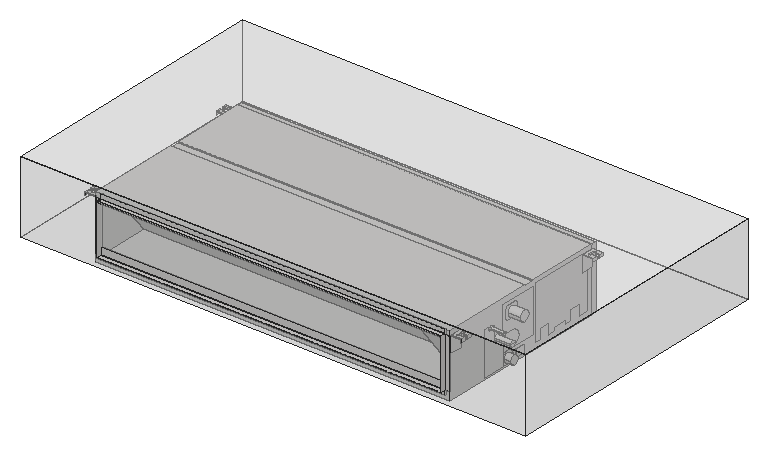
Revit family "outputfile", category 機械設備, Revit 2024
Family settings
  丸型コネクタ寸法 = 半径を使用
  パーツ タイプ = 標準
  OmniClass 番号 = 23.75.10.24.21.27.27
  OmniClass タイトル = Split System Air Conditioning Units
  作業面ベース = いいえ
  常に垂直 = はい
  ロード時にボイドで切り取り = いいえ
  注釈の向きを維持 = いいえ
  共有 = いいえ
  部屋計算ポイント = はい
Parameters (values of type "FDMC160AV1M")
  Description = ""
  書き出し IFC クラス(タイプ) = "IfcUnitaryEquipmentType"
  定義済み IFC タイプ(タイプ) = "AIRCONDITIONINGUNIT"
  Cost = 0
  Type Comments = ""
  Keynote = ""
  Type Image = (empty or 0)
  Assembly Code = ""
  switch_frequency = yes
  connector_voltage = Voltage_50Hz  # 230 V
  connector_powerinput = [Power Input (Cooling)]  # 4.950 kW
  connector_phase = Phase_50Hz  # 1
  URL = ""
  Supply Air Direction [instance] = yes
  製造元 = "Daikin"
  モデル = "FDMC160AV1M"
  w_pipe = 33 mm
  r_Liquid Pipe Size = Liquid Pipe Size / 2  # 4.75 mm
  r_Gas Pipe Size = Gas Pipe Size / 2  # 9.55 mm
  r_Drain Pipe Size = Drain Pipe Size / 2  # 16.0 mm
  lw_powersupply = Width / 2  # 700 mm
  lw_ductflange2 = 1362 mm
  lw_Width = 1362 mm
  lh_suctionflange [instance] = 100 mm
  ld_suctionflange [instance] = 190 mm
  ld_powersupply = 263 mm
  angle_vertical_RA [instance] = 90.00°
  angle horizontal_RA [instance] = 180.00°
  Voltage_comment_50Hz = "220 - 240"
  Voltage_50Hz = 230 V
  Sound Power Level_H speed (dB) = 0
  RA_length = 190 mm  # constant formula
  Phase_50Hz = 1
  Minimum External Static Pressure = 32.00 Pa
  Minimum Circuit Amps_50Hz = 0.0 A
  Maximum Fuse Amps_50Hz = 0.0 A
  Maximum External Static Pressure = 42.00 Pa
  Material_Casing = DAIKIN_GalvanizedSteel_Casing_indoorunit
  lw_liquidpipe = 757.9 mm
  lw_gaspipe = 767.5 mm
  lw_mountinghole_pitch = 1446 mm
  lw_mountinghole = 20 mm
  lw_drainpipe = 726 mm
  lh_powersupply = 43.2 mm
  lh_liquidpipe = 175 mm
  lh_gaspipe = 128 mm
  lh_mountinghole = Height + [h***] - 15 mm  # 235 mm
  lh_drainpipe = 29 mm
  lh_antena = (Height - lh_mountinghole) + 1 mm  # 16 mm
  ld_liquidpipe = 153 mm
  ld_gaspipe = 123 mm
  ld_mountinghole_pitch = 651 mm
  ld_drainpipe = 64 mm
  ld_controlbox = 626 mm
  h*** = 0 mm  # constant formula
  d_dischargeflange = 20 mm  # constant formula
  Width = 1400 mm
  Version = "ver.1.0"
  Unit Type = "Duct"
  Unit Mass Weight = 44.00 kg
  Unit Designation [instance] = ""
  Uniclass2015Version = "Products v1.30"
  Uniclass2015Title = "Split coil room air conditioning units"
  Uniclass2015Code = "Pr_70_65_03_86"
  Total Cooling Capacity [instance] = 0.000 kW
  Sound Pressure Level_M speed (dBA) = 42
  Sound Pressure Level_L speed (dBA) = 39
  Sound Pressure Level_H speed (dBA) = 43
  Series = "SkyAir_Fan Coil Unit"
  Sensible Cooling Capacity [instance] = 0.000 kW
  SA Duct Size Width = 1362 mm
  SA Duct Size Height = 200 mm
  Refrigerant Type = "R32"
  RA Duct Size Width = 1362 mm
  RA Duct Size Height = 214 mm
  Power Input (Cooling) = 4.950 kW
  Option Accessory 3 [instance] = ""
  Option Accessory 2 [instance] = ""
  Option Accessory 1 [instance] = ""
  Nominal Cooling Capacity = 16.120 kW
  Minimum Airflow = 1903.00 m³/h
  Median Airflow = 2175.00 m³/h
  Maximum Airflow = 2379.00 m³/h
  Load Classification = HVAC
  Liquid Pipe Size = 9.5 mm
  Link_Nested Family [instance] = ""
  IfcVersion = ""
  IfcExportType = "AIRCONDITIONINGUNIT"
  IfcExportAs = "IfcUnitaryEquipmentType"
  Height = 250 mm
  Heat Exchanger Type = "Cross Fin Coil"
  Gas Pipe Size = 19.1 mm
  Frequency_50Hz = 50 Hz
  Fan Type = "Sirocco Fan"
  Fan Drive = "-"
  FCU Tag No. [instance] = ""
  Drain Pipe Size = 32.0 mm
  Design Supply Airflow [instance] = 0.00 m³/h
  Design Return Airflow [instance] = 0.00 m³/h
  Design External Static Pressure [instance] = 0.00 Pa
  Depth = 700 mm
  既定の高さ = 0 mm
  Cooling Entering Wet Bulb Temperature [instance] = 0.00 °C
  Cooling Entering Dry Bulb Temperature [instance] = 0.00 °C
  Cooling Ambient Wet Bulb Temperature [instance] = 0.00 °C
  Cooling Ambient Dry Bulb Temperature [instance] = 0.00 °C
  Clearance visibility [instance] = yes
  Clearance Top = 20 mm
  Clearance Right = 300 mm
  Clearance Rear = 400 mm
  Clearance Left = 300 mm
  Clearance Front = 0 mm
  Clearance Bottom = 20 mm
Reference planes
  plane 1 "Center (Front/Back)": y = 0
  plane 2: z = 0
  plane 3 "Center (Left/Right)": x = 0
  plane 4 "Back": y = 350
  plane 5 "Front": y = -350
  plane 6 "Left": x = -700
  plane 7 "Right": x = 700
  plane 8 "Top": z = 0
  plane 9 "Bottom": z = -250
  plane 10: x = 681
  plane 11: x = -680.2
  plane 12: z = -72
  plane 13: z = -75
  plane 14: z = -122
  plane 15: x = -304
  plane 16: x = 304
  plane 17: x = -723
  plane 18: x = 723
  plane 19: x = 757.9
  plane 20: x = 767.5
  plane 21: z = -15
  plane 22 "Clearance Left": x = -1000
  plane 23 "Clearance Right": x = 1000
  plane 24 "Clearance Rear": y = 750
  plane 25 "Clearance Front": y = -350
  plane 26 "Clearance Bottom": z = -270
  plane 27: z = -21
  plane 28: z = -221
  plane 29: y = -123
  plane 30: y = -153
  plane 31: y = -30
  plane 32: y = -64
  plane 33: z = -118
  plane 34: y = -349.2
  plane 35: z = -150
  plane 36: y = 160
  plane 37: z = -151
  plane 38: x = 726
  plane 39: x = 695
  plane 40: x = 565.5
  plane 41: z = 102.5
  plane 42: y = 325.5
  plane 43: y = -325.5
  plane 44: y = 17.5
  plane 45: y = 57
  plane 46: x = 703.2
  plane 47: x = 705.2
  plane 48: y = -370
  plane 49: y = 390
  plane 50: z = -125
  plane 51: z = -70.5
  plane 52: z = -75.133
  plane 53: z = -75.5
  plane 54: z = -126.5
  plane 55: z = -239.8
  plane 56: z = -22.5
  plane 57: z = -192.5
  plane 58: z = -16
  plane 59 "Clearance Top": z = 20
  plane 60: z = -206.8
  plane 61: y = 263
  plane 62: y = -200
  plane 63: y = -300
  plane 64: y = -140
Forms (mm)
  Extrusion 1, solid, material "DAIKIN_GalvanizedSteel_Casing_indoorunit" <- "Material_Casing"
    sketch origin (0, 0, 0) x (1, 0, 0) y (0, 1, 0)
      loop
        line (-700, -349.2) -> (700, -349.2) -> (700, 350) -> (-700, 350) -> (-700, -349.2)
    from -250 to 0
  Extrusion 2, void
    sketch origin (0, 0, 1) x (1, 0, 0) y (0, 1, 0)
      loop
        line (-700, 57) -> (-700, 17.5) -> (700, 17.5) -> (700, 57) -> (-700, 57)
    from -1 to -5
  Extrusion 3, void
    sketch origin (0, 0, 0) x (0, 1, 0) y (0, 0, 1)
      loop
        line (-91.914, -222) -> (-91.914, -246.5) -> (-36.314, -246.5) -> (-36.314, -219.481)
        arc (-36.314, -219.481) -> (-65.261, -194.229) -> (-91.8, -222) r 27.8
    from 700 to 695
  Revolve 4, solid, material "DAIKIN_GalvanizedSteel_Casing_indoorunit" <- "Material_Casing"
    sketch origin (0, 0, -122) x (0, -1, 0) y (1, 0, 0)
      loop
        line (113.45, 700) -> (123, 700) -> (123, 767.5) -> (113.45, 767.5) -> (113.45, 700)
      axis (123, 700) -> (123, 767.5)
    angle from 0 to 360
  Revolve 5, solid, material "DAIKIN_GalvanizedSteel_Casing_indoorunit" <- "Material_Casing"
    sketch origin (0, 0, -75) x (0, -1, 0) y (1, 0, 0)
      loop
        line (153, 700) -> (153, 757.9) -> (148.25, 757.9) -> (148.25, 700) -> (153, 700)
      axis (153, 757.9) -> (153, 700)
    angle from 0 to 360
  Extrusion 6, solid, material "DAIKIN_GalvanizedSteel_Casing_indoorunit" <- "Material_Casing"
    sketch origin (0, 0, 0) x (0, 1, 0) y (0, 0, 1)
      loop
        circle (-64, -221) r 16
    from 726 to 700
  Extrusion 7, solid, material "DAIKIN_GalvanizedSteel_Casing_indoorunit" <- "Material_Casing"
    sketch origin (0, 0, 0) x (0, 1, 0) y (0, 0, 1)
      loop
        line (-180, -70.5) -> (-180, -239.8) -> (-95, -239.8) -> (-95, -126.5) -> (-107, -126.5)
        arc (-107, -126.5) -> (-121.5, -141) -> (-136, -126.5) r 14.5
        line (-136, -126.5) -> (-136, -75.5) -> (-141.006, -75.5)
        arc (-141.006, -75.5) -> (-153.184, -87.131) -> (-165, -75.133) r 12
        line (-165, -75.133) -> (-165, -70.5) -> (-180, -70.5)
      loop
        line (-92, -22.5) -> (-92, -192.5) -> (54, -192.5) -> (54, -22.5) -> (-92, -22.5)
      loop
        line (71, -16) -> (71, -224.802) -> (87.805, -224.802) -> (87.805, -184.607) -> (134.195, -184.606) -> (134.195, -224.802) -> (161, -224.802) -> (161, -212.302) -> (221, -212.303) -> (221, -224.802) -> (239.805, -224.802) -> (239.805, -184.606) -> (286.195, -184.606) -> (286.195, -224.802) -> (321.994, -224.802) -> (321.994, -82) -> (298.5, -82) -> (298.5, -16) -> (71, -16)
    from 700 to 703.2
  Extrusion 8, solid, material "DAIKIN_GalvanizedSteel_Casing_indoorunit" <- "Material_Casing"
    sketch origin (0, 0, 0) x (0, 1, 0) y (0, 0, 1)
      loop
        line (-27.5, -74.5) -> (-27.5, -41.5)
        arc (-27.5, -41.5) -> (-30.136, -35.136) -> (-36.5, -32.5) r 9
        line (-36.5, -32.5) -> (-69.5, -32.5)
        arc (-69.5, -32.5) -> (-75.864, -35.136) -> (-78.5, -41.5) r 9
        line (-78.5, -41.5) -> (-78.5, -74.5)
        arc (-78.5, -74.5) -> (-75.864, -80.864) -> (-69.5, -83.5) r 9
        line (-69.5, -83.5) -> (-36.5, -83.5)
        arc (-36.5, -83.5) -> (-30.136, -80.864) -> (-27.5, -74.5) r 9
      loop
        arc (8, -234.5) -> (9.415, -233.914) -> (10.001, -232.499) r 2.001
        line (10.001, -232.499) -> (9.997, -206.503)
        arc (9.997, -206.503) -> (9.412, -205.091) -> (8, -204.506) r 1.997
        line (8, -204.506) -> (-25.997, -204.506)
        arc (-25.997, -204.506) -> (-27.415, -205.094) -> (-28.002, -206.511) r 2.005
        line (-28.002, -206.511) -> (-28.002, -232.499)
        arc (-28.002, -232.499) -> (-27.416, -233.914) -> (-26.001, -234.5) r 2.001
        line (-26.001, -234.5) -> (8, -234.5)
      loop
        arc (-77.358, -152.358) -> (-25.548, -177.591) -> (-59.394, -130.95) r 29.7
        arc (-59.394, -130.95) -> (-62.843, -131.688) -> (-66.339, -131.219) r 10.3
        line (-66.339, -131.219) -> (-72.946, -129.136)
        arc (-72.946, -129.136) -> (-80.627, -131.374) -> (-81.498, -139.327) r 7.2
        line (-81.498, -139.327) -> (-78.299, -145.472)
        arc (-78.299, -145.472) -> (-77.23, -148.833) -> (-77.358, -152.358) r 10.3
    from 700 to 705.2
  Extrusion 9, solid, material "DAIKIN_GalvanizedSteel_Casing_indoorunit" <- "Material_Casing"
    sketch origin (0, 0, 0) x (0, 1, 0) y (0, 0, 1)
      loop
        circle (-53, -58) r 18.9
    from 700 to 757.9
  Extrusion 10, void
    sketch origin (0, 0, 0) x (0, 1, 0) y (0, 0, 1)
      loop
        line (-350, -18.8) -> (-350, -217.2) -> (-200, -217.2) -> (-349.2, -18.8) -> (-350, -18.8)
    from -680.2 to 681
  Extrusion 11, void
    sketch origin (0, 0, 0) x (0, 1, 0) y (0, 0, 1)
      loop
        line (-350, -18.8) -> (-350, -217.2) -> (-140, -217.2) -> (-300, -18.8) -> (-350, -18.8)
    from -680.2 to 565.5
Cuts and joins
  Extrusion 2, Extrusion 3, Extrusion 10, Extrusion 11 cuts Extrusion 1
  joined: Extrusion 7, Extrusion 8, Extrusion 9
Dimensions and locks
  "Height": plane 8 "Top" to plane 9 "Bottom"
  equal spacing: plane 15, plane 3 "Center (Left/Right)", plane 16, locked at 304 each
  locked: plane 15 to plane 16 at 608
  equal spacing: plane 17, plane 3 "Center (Left/Right)", plane 18
  "lw_mountinghole_pitch": plane 17 to plane 18
  locked: plane 12 to plane 9 "Bottom" at 178
  "lh_liquidpipe": plane 13 to plane 9 "Bottom"
  "lh_gaspipe": plane 14 to plane 9 "Bottom"
  "lh_mountinghole": plane 21 to plane 9 "Bottom"
  equal spacing: plane 6 "Left", plane 3 "Center (Left/Right)", plane 7 "Right"
  "Width": plane 6 "Left" to plane 7 "Right"
  "Clearance Right": plane 7 "Right" to plane 23 "Clearance Right"
  "Clearance Left": plane 22 "Clearance Left" to plane 6 "Left"
  "Clearance Rear": plane 24 "Clearance Rear" to plane 4 "Back"
  "Clearance Front": plane 5 "Front" to plane 25 "Clearance Front"
  locked: plane 8 "Top" to plane 27 at 21
  "Depth": plane 4 "Back" to plane 5 "Front"
  equal spacing: plane 4 "Back", plane 1 "Center (Front/Back)", plane 5 "Front"
  "ld_suctionflange": plane 4 "Back" to plane 36
  locked: plane 37 to plane 9 "Bottom" at 99
  plane 7 "Right" to plane 40 = 134.5 mm
  "r_Gas Pipe Size": nested 6 to Revolve 4 sketch curve
  "r_Liquid Pipe Size": nested 5 to Revolve 5 sketch curve
  equal spacing: plane 42, plane 1 "Center (Front/Back)", plane 43
  "ld_mountinghole_pitch": plane 42 to plane 43
  locked: plane 33 to plane 9 "Bottom" at 132
  "lw_liquidpipe": plane 3 "Center (Left/Right)" to plane 19
  "lw_gaspipe": plane 3 "Center (Left/Right)" to plane 20
  "lw_drainpipe": plane 3 "Center (Left/Right)" to plane 38
  "ld_drainpipe": plane 32 to plane 1 "Center (Front/Back)"
  "ld_gaspipe": plane 29 to plane 1 "Center (Front/Back)"
  "ld_liquidpipe": plane 30 to plane 1 "Center (Front/Back)"
  "lh_drainpipe": plane 28 to plane 9 "Bottom"
  locked: plane 7 "Right" to plane 46 at 3.2
  locked: plane 46 to plane 47 at 2
  equal spacing: plane 8 "Top", plane 50, plane 9 "Bottom"
  plane 51 to plane 52 to plane 53 to plane 54 to plane 55 = 4.633 mm locked, 0.367 mm locked, 51 mm locked, 113.3 mm locked
  plane 8 "Top" to plane 56 to plane 57 = 22.5 mm locked, 170 mm locked
  locked: plane 8 "Top" to plane 58 at 16
  locked: plane 40 to plane 10 at 115.5
  locked: plane 17 to plane 11 at 42.8
  locked: plane 39 to plane 7 "Right" at 5
  "Clearance Top": plane 59 "Clearance Top" to plane 8 "Top"
  "Clearance Bottom": plane 9 "Bottom" to plane 26 "Clearance Bottom"
  "lh_powersupply": plane 60 to plane 9 "Bottom"
  "ld_powersupply": plane 61 to plane 1 "Center (Front/Back)"
  locked: plane 34 to plane 5 "Front" at 0.8
  locked: plane 5 "Front" to plane 48 at 20
  locked: plane 5 "Front" to plane 62 at 150
  plane 5 "Front" to plane 63 to plane 64 = 50 mm locked, 160 mm locked
  "r_Drain Pipe Size": radius of Extrusion 6 sketch curve
  aligned and locked: level to plane 2
  aligned and locked: Extrusion 1 to plane 9 "Bottom"
  aligned and locked: plane 8 "Top" to Extrusion 1
  aligned and locked: Revolve 4 sketch curve to Revolve 4 sketch curve
  aligned and locked: plane 19 to nested 5
  aligned and locked: nested 5 to plane 13
  aligned and locked: plane 18 to nested 2
  aligned and locked: plane 17 to nested 3
  aligned and locked: plane 17 to nested 4
  aligned and locked: nested 6 to plane 14
  aligned and locked: plane 29 to nested 6
  aligned and locked: plane 30 to nested 5
  aligned and locked: Extrusion 6 sketch curve to plane 32
  aligned and locked: plane 8 "Top" to Extrusion 2
  aligned and locked: plane 24 "Clearance Rear" to nested 11
  aligned and locked: plane 23 "Clearance Right" to nested 11
  aligned and locked: plane 22 "Clearance Left" to nested 11
  aligned and locked: nested 11 to plane 25 "Clearance Front"
  aligned and locked: plane 7 "Right" to cut or joined group of Extrusion 1, Extrusion 2, Extrusion 3, Extrusion 10, Extrusion 11  (x3)
  aligned and locked: cut or joined group of Extrusion 1, Extrusion 2, Extrusion 3, Extrusion 10, Extrusion 11 to plane 39
  aligned and locked: plane 38 to Extrusion 6
  aligned and locked: plane 20 to nested 6
  aligned and locked: plane 3 "Center (Left/Right)" to nested 12
  aligned and locked: plane 18 to nested 1
  aligned and locked: plane 32 to nested 7
  aligned and locked: nested 7 to plane 28
  aligned and locked: plane 38 to nested 7
  aligned and locked: nested 9 to plane 1 "Center (Front/Back)"
  aligned and locked: plane 3 "Center (Left/Right)" to nested 9
  aligned and locked: plane 33 to nested 8
  aligned and locked: level to plane 8 "Top"
  aligned and locked: plane 42 to nested 1
  aligned and locked: plane 43 to nested 2
  aligned and locked: nested 4 to plane 42
  aligned and locked: nested 3 to plane 43
  aligned and locked: nested 12 to plane 21
  aligned and locked: cut or joined group of Extrusion 1, Extrusion 2, Extrusion 3, Extrusion 10, Extrusion 11 to plane 34
  aligned and locked: nested 13 to plane 33
  aligned and locked: Extrusion 2 sketch curve to plane 6 "Left"
  aligned and locked: plane 7 "Right" to Extrusion 2 sketch curve
  aligned and locked: plane 44 to Extrusion 2 sketch curve
  aligned and locked: plane 45 to Extrusion 2 sketch curve
  aligned and locked: plane 3 "Center (Left/Right)" to nested 10
  aligned and locked: nested 10 to plane 4 "Back"
  aligned and locked: plane 46 to Extrusion 7
  aligned and locked: Extrusion 7 to plane 7 "Right"
  aligned and locked: Extrusion 8 to plane 7 "Right"
  aligned and locked: plane 47 to Extrusion 8
  aligned and locked: plane 19 to Extrusion 9
  aligned and locked: Extrusion 9 to plane 7 "Right"
  aligned and locked: nested 8 to plane 48
  aligned and locked: plane 49 to nested 14
  aligned and locked: nested 14 to plane 3 "Center (Left/Right)"
  aligned and locked: nested 14 to plane 50
  aligned and locked: plane 54 to Extrusion 7 sketch curve  (x2)
  aligned and locked: plane 52 to Extrusion 7 sketch curve
  aligned and locked: plane 56 to Extrusion 7 sketch curve
  aligned and locked: plane 57 to Extrusion 7 sketch curve
  aligned and locked: plane 58 to Extrusion 7 sketch curve
  aligned and locked: plane 3 "Center (Left/Right)" to nested 13
  aligned and locked: plane 59 "Clearance Top" to nested 11
  aligned and locked: nested 11 to plane 26 "Clearance Bottom"
  aligned and locked: plane 7 "Right" to nested 15
  aligned and locked: nested 15 to plane 60
  aligned and locked: plane 34 to nested 13
  aligned and locked: plane 5 "Front" to Extrusion 10 sketch curve
  aligned and locked: cut or joined group of Extrusion 1, Extrusion 2, Extrusion 3, Extrusion 10, Extrusion 11 to plane 11  (x2)
  aligned and locked: plane 10 to cut or joined group of Extrusion 1, Extrusion 2, Extrusion 3, Extrusion 10, Extrusion 11
  aligned and locked: Extrusion 11 sketch curve to plane 5 "Front"
  aligned and locked: plane 63 to Extrusion 11 sketch curve
  aligned and locked: plane 64 to Extrusion 11 sketch curve
  aligned and locked: cut or joined group of Extrusion 1, Extrusion 2, Extrusion 3, Extrusion 10, Extrusion 11 to plane 40
  aligned and locked: Extrusion 6 to plane 7 "Right"
  aligned and locked: Revolve 4 to plane 7 "Right"
  aligned and locked: Revolve 5 to plane 7 "Right"
Automatic sketch dimensions
  Extrusion 1 sketch curve to plane 4 "Back" = 0 mm
  Extrusion 1 sketch curve to plane 6 "Left" = 0 mm
  Extrusion 1 sketch curve to plane 7 "Right" = 0 mm
  plane 34 to Extrusion 1 sketch curve = 0 mm
  Extrusion 6 sketch curve to plane 28 = 0 mm
  Revolve 4 sketch curve to plane 20 = 0 mm
  Revolve 4 sketch curve to plane 29 = 0 mm
  Revolve 4 sketch curve to Revolve 4 sketch curve = 2.003 mm
  plane 20 to Revolve 4 sketch curve = 1.003 mm
  Revolve 5 sketch curve to plane 30 = 0 mm  (x2)
  Revolve 5 sketch curve to plane 19 = 0 mm  (x2)
  Revolve 5 sketch curve to plane 7 "Right" = 0 mm
  Revolve 5 sketch curve to Revolve 5 sketch curve = 1 mm
  Revolve 4 sketch curve to plane 7 "Right" = 0 mm
  plane 9 "Bottom" to Extrusion 3 sketch curve = 3.5 mm
  Extrusion 3 sketch curve to plane 31 = 6.314 mm
  Extrusion 3 sketch curve to plane 28 = 1 mm  (x2)
  plane 32 to Extrusion 3 sketch curve = 0 mm
  Extrusion 3 sketch curve to Extrusion 3 sketch curve = 0.114 mm
  Extrusion 8 sketch curve to plane 32 = 14.5 mm
  plane 13 to Extrusion 8 sketch curve = 0.5 mm  (x2)
  Extrusion 8 sketch curve to plane 32 = 5.5 mm  (x2)
  Extrusion 8 sketch curve to plane 31 = 6.5 mm  (x2)
  Extrusion 8 sketch curve to plane 27 = 20.5 mm
  plane 31 to Extrusion 8 sketch curve = 1.998 mm
  Extrusion 8 sketch curve to Extrusion 8 sketch curve = 2.001 mm  (x2)
  Extrusion 8 sketch curve to Extrusion 8 sketch curve = 2.005 mm
  Extrusion 8 sketch curve to plane 1 "Center (Front/Back)" = 8 mm  (x2)
  plane 28 to Extrusion 8 sketch curve = 16.494 mm
  Extrusion 8 sketch curve to Extrusion 8 sketch curve = 1.994 mm
  Extrusion 8 sketch curve to Extrusion 8 sketch curve = 1.997 mm
  Extrusion 8 sketch curve to plane 32 = 17.498 mm
  Extrusion 8 sketch curve to plane 35 = 0.228 mm
  Extrusion 8 sketch curve to Extrusion 8 sketch curve = 5.937 mm
  plane 35 to Extrusion 8 sketch curve = 4.528 mm
  Extrusion 8 sketch curve to Extrusion 8 sketch curve = 3.199 mm
  Extrusion 8 sketch curve to Extrusion 8 sketch curve = 6.386 mm
  Extrusion 8 sketch curve to plane 14 = 7.136 mm
  Extrusion 8 sketch curve to Extrusion 8 sketch curve = 2.165 mm
  Extrusion 8 sketch curve to plane 32 = 2.339 mm
  plane 32 to Extrusion 8 sketch curve = 0.758 mm
  Extrusion 8 sketch curve to plane 37 = 7.5 mm
  plane 32 to Extrusion 8 sketch curve = 15.7 mm
  Extrusion 8 sketch curve to Extrusion 8 sketch curve = 6.145 mm
  Extrusion 8 sketch curve to Extrusion 8 sketch curve = 2.083 mm
  plane 14 to Extrusion 8 sketch curve = 0.604 mm
  Extrusion 8 sketch curve to Extrusion 8 sketch curve = 0 mm
  plane 32 to Extrusion 9 sketch curve = 11 mm
  plane 12 to Extrusion 9 sketch curve = 14 mm
  Extrusion 7 sketch curve to plane 30 = 0 mm
  Extrusion 7 sketch curve to plane 30 = 27 mm
  Extrusion 7 sketch curve to plane 13 = 0.5 mm
  Extrusion 7 sketch curve to Extrusion 7 sketch curve = 5.006 mm
  plane 12 to Extrusion 7 sketch curve = 1.5 mm
  Extrusion 7 sketch curve to Extrusion 7 sketch curve = 12 mm
  Extrusion 7 sketch curve to plane 30 = 12 mm
  plane 29 to Extrusion 7 sketch curve = 1.5 mm
  Extrusion 7 sketch curve to plane 32 = 28 mm
  Extrusion 7 sketch curve to Extrusion 7 sketch curve = 17 mm
  Extrusion 7 sketch curve to plane 28 = 3.802 mm  (x8)
  Extrusion 7 sketch curve to plane 42 = 27 mm
  Extrusion 7 sketch curve to plane 42 = 3.506 mm  (x2)
  Extrusion 7 sketch curve to plane 53 = 6.5 mm
  plane 57 to Extrusion 7 sketch curve = 7.893 mm
  Extrusion 7 sketch curve to Extrusion 7 sketch curve = 0 mm  (x2)
  plane 57 to Extrusion 7 sketch curve = 7.894 mm  (x2)
  plane 36 to Extrusion 7 sketch curve = 1 mm  (x2)
  plane 28 to Extrusion 7 sketch curve = 8.697 mm
  Extrusion 3 sketch curve to Extrusion 3 sketch curve = 27.914 mm
  Extrusion 7 sketch curve to plane 55 = 0 mm
  Extrusion 8 sketch curve to plane 28 = 11.499 mm
  Extrusion 7 sketch curve to Extrusion 7 sketch curve = 60 mm
  Extrusion 10 sketch curve to plane 34 = 0 mm
  plane 28 to Extrusion 10 sketch curve = 3.8 mm
  plane 27 to Extrusion 10 sketch curve = 2.2 mm
  Extrusion 10 sketch curve to plane 30 = 47 mm
  plane 28 to Extrusion 11 sketch curve = 3.8 mm
  plane 27 to Extrusion 11 sketch curve = 2.2 mm
  radius of Extrusion 9 sketch curve = 18.9 mm
Nested families
  nested 1: "daikin_mountinghole" at (723, 325.5, -250), l_antenna <- "lh_antena", Link_Nested Family <- "Link_Nested Family", h_mountinghole <- "lh_mountinghole", type "daikin_mountinghole"
    with show yes, l_antenna 16 mm, h_mountinghole 235 mm, Link_Nested Family ""
  nested 2: "daikin_mountinghole" at (723, -325.5, -250), Link_Nested Family <- "Link_Nested Family", l_antenna <- "lh_antena", h_mountinghole <- "lh_mountinghole", type "daikin_mountinghole"
    with show yes, l_antenna 16 mm, h_mountinghole 235 mm, Link_Nested Family ""
  nested 3: "daikin_mountinghole" at (-723, -325.5, -250), l_antenna <- "lh_antena", Link_Nested Family <- "Link_Nested Family", h_mountinghole <- "lh_mountinghole", type "daikin_mountinghole"
    with show yes, l_antenna 16 mm, h_mountinghole 235 mm, Link_Nested Family ""
  nested 4: "daikin_mountinghole" at (-723, 325.5, -250), l_antenna <- "lh_antena", Link_Nested Family <- "Link_Nested Family", h_mountinghole <- "lh_mountinghole", type "daikin_mountinghole"
    with show yes, l_antenna 16 mm, h_mountinghole 235 mm, Link_Nested Family ""
  nested 5: "daikin_connector_rotate2" at (0, -153, -75) x (0, 1, 0) z (0, 0, 1), length <- "lw_liquidpipe", built-in parameter 1001364 <- "lh_liquidpipe", radius <- "r_Liquid Pipe Size", type "daikin_connector_rotate2"
    with radius 4.75 mm, length 757.9 mm, angle_vertical 90.00°
  nested 6: "daikin_connector_rotate2" at (0, -123, -122) x (0, 1, 0) z (0, 0, 1), length <- "lw_gaspipe", built-in parameter 1001364 <- "lh_gaspipe", radius <- "r_Gas Pipe Size", type "daikin_connector_rotate2"
    with radius 9.55 mm, length 767.5 mm, angle_vertical 90.00°
  nested 7: "daikin_connector_rotate2" at (0, -64, -221) x (0, 1, 0) z (0, 0, 1), built-in parameter 1001364 <- "lh_drainpipe", length <- "lw_drainpipe", radius <- "r_Drain Pipe Size", type "daikin_connector_rotate2"
    with radius 16 mm, length 726 mm, angle_vertical 90.00°
  nested 8: "daikin_connector_rotate2" at (0, -350, -118), length <- "d_dischargeflange", type "daikin_connector_rotate2"
    with radius 10 mm, length 20 mm, angle_vertical 90.00°
  nested 9: "daikin_△_symbolicline" at (-75, -129.904, 250) x (-0.5, 0.866, 0) z (0, 0, 1), built-in parameter 1001364 <- "Height", visible <- "Supply Air Direction", type "daikin_△_symbolicline"
    with length 300 mm
  nested 10: "daikin_ductflange_FDMC-AV1M_1" at (0, 350, -125), material <- "Material_Casing", width <- "lw_ductflange2", type "daikin_ductflange_FDMC-AV1M_1"
    with width 1362 mm, material DAIKIN_GalvanizedSteel_Casing_indoorunit, height 214 mm, depth 40 mm
  nested 11: "daikin_clearancespace" at (0, 200, -124.881), visible <- "Clearance visibility", show <- "Clearance visibility", Link_Nested Family <- "Link_Nested Family", type "daikin_clearancespace"
    with width 2000 mm, show yes, height 290 mm, depth 1100 mm, Link_Nested Family ""
  nested 12: "daikin_hangerfixture_FDMC-AV1M" at (0, 0, -15), type "daikin_hangerfixture_FDMC-AV1M"
    with width 1400 mm
  nested 13: "daikin_ductflange_FDMC-AV1M" at (0, -35.7, -407.401), width <- "lw_Width", material <- "Material_Casing", type "daikin_ductflange_FDMC-AV1M"
    with width 1362 mm, material DAIKIN_GalvanizedSteel_Casing_indoorunit, height 200 mm, depth 20.8 mm
  nested 14: "daikin_connector_rotate2" at (0, 350, -125) x (-1, 0, 0) z (0, 0, 1), type "daikin_connector_rotate2"
    with radius 10 mm, length 40 mm, angle_vertical 90.00°
  nested 15: "daikin_connector_rotate2" at (0, 263, -206.8) x (0, 1, 0) z (0, 0, 1), length <- "lw_powersupply", built-in parameter 1001364 <- "lh_powersupply", type "daikin_connector_rotate2"
    with radius 10 mm, length 700 mm, angle_vertical 90.00°
Connectors
  piping at (767.5, -123, -122), diameter 19.1, driven by "r_Gas Pipe Size"
    settings: on nested 6, index 1, connector inside diameter 609.6 mm, connector length 0 mm, flow factor 0, pipe flow 0.00 m³/h, pressure drop 0.0 Pa, fitting loss kfactor 0, connector angle 0.00°, fixture units 0, engagement length 0 mm, angle of deflection 0.00°, flow configuration 1, flow direction 2, fitting loss method 0, system type 29, joint type 0, gender type 0, connector reference index -1, connector utility 0, adjustable connector no, is connector primary yes, connector description "Refrigerant Gas Piping"
  piping at (757.9, -153, -75), diameter 9.5, driven by "r_Liquid Pipe Size"
    settings: on nested 5, index 2, connector inside diameter 609.6 mm, connector length 0 mm, flow factor 0, pipe flow 0.00 m³/h, pressure drop 0.0 Pa, fitting loss kfactor 0, connector angle 0.00°, fixture units 0, engagement length 0 mm, angle of deflection 0.00°, flow configuration 1, flow direction 1, fitting loss method 0, system type 29, joint type 0, gender type 0, connector reference index -1, connector utility 0, adjustable connector no, is connector primary no, connector description "Refrigerant Liquid Piping"
  piping at (726, -64, -221), diameter 32, driven by "r_Drain Pipe Size"
    settings: on nested 7, index 3, connector inside diameter 609.6 mm, connector length 0 mm, flow factor 0, pipe flow 0.00 m³/h, pressure drop 0.0 Pa, fitting loss kfactor 0, connector angle 0.00°, fixture units 0, engagement length 0 mm, angle of deflection 0.00°, flow configuration 1, flow direction 2, fitting loss method 4, system type 16, joint type 0, gender type 0, connector reference index -1, connector utility 0, adjustable connector no, is connector primary no, connector description "Condensate Drain Piping"
  hvac at (0, -370, -118), driven by "SA Duct Size Height", driven by "SA Duct Size Width"
    settings: on nested 8, index 7, duct flow 0.00 m³/h, flow factor 0, pres drop 0.00 Pa, loss coef 0, conn angle 0.00°, conn width 1362.0 mm, conn height 200.0 mm, conn diameter 609.6 mm, duct sys type 1, conn prof type 1, flow config 0, flow direction 2, loss method 4, conn ref index -1, conn util no, is conn primary yes, conn desc "SA Duct"
  hvac at (0, 390, -125), driven by "RA Duct Size Width", driven by "RA Duct Size Height"
    settings: on nested 14, index 8, duct flow 0.00 m³/h, flow factor 0, pres drop 0.00 Pa, loss coef 0, conn angle 0.00°, conn width 1362.0 mm, conn height 214.0 mm, conn diameter 609.6 mm, duct sys type 2, conn prof type 1, flow config 0, flow direction 1, loss method 4, conn ref index -1, conn util no, is conn primary no, conn desc "RA Duct"
  electrical at (700, 263, -206.8), driven by "Load Classification", driven by "connector_powerinput", driven by "connector_voltage", driven by "connector_phase"
    settings: on nested 15, index 9, voltage 230 V, apparent load 4950 VA, apparent load phase1 0 VA, apparent load phase2 0 VA, apparent load phase3 0 VA, power factor 1, load classification "HVAC", number of poles 1, system type 30, power factor state 1, is connector primary yes, connector utility no, sub classification motor no, connector description "Power Supply"
Definition of nested family "daikin_ductflange_FDMC-AV1M_1"
  Parameters (values of type "daikin_ductflange_FXDQ-NDVET2")
    width [instance] = 662 mm
    material [instance] = none
    height [instance] = 214 mm
    depth [instance] = 40 mm
    Default Elevation = 0 mm
  Reference planes
    plane 1 "Center (Front/Back)": y = 0
    plane 2: z = 0
    plane 3 "Center (Left/Right)": x = 0
    plane 4: x = -331
    plane 5: x = 331
    plane 6: z = 107
    plane 7: z = -107
    plane 8: x = -350
    plane 9: x = 350
    plane 10: z = 124
    plane 11: z = -124
    plane 12: y = 20
    plane 13: x = -330.2
    plane 14: x = 330.2
    plane 15: z = 106.2
    plane 16: z = -106.2
    plane 17: y = 40
    plane 18: x = -330.2
    plane 19: z = 106.2
    plane 20: z = -106.2
    plane 21: x = 330.2
  Forms (mm)
    Extrusion 1, solid, material <- "material"
      sketch origin (0, 0, 0) x (1, 0, 0) y (0, 0, 1)
        loop
          line (-330.2, 106.2) -> (-330.2, -106.2) -> (330.2, -106.2) -> (330.2, 106.2) -> (-330.2, 106.2)
        loop
          line (-350, 124) -> (-350, -124) -> (350, -124) -> (350, 124) -> (-350, 124)
      from 0 to -20
    Extrusion 2, solid, material <- "material"
      sketch origin (0, 0, 0) x (1, 0, 0) y (0, 0, 1)
        loop
          line (-331, 107) -> (-331, -107) -> (331, -107) -> (331, 107) -> (-331, 107)
        loop
          line (-330.2, 106.2) -> (-330.2, -106.2) -> (330.2, -106.2) -> (330.2, 106.2) -> (-330.2, 106.2)
      from -40 to -20
  Cuts and joins
    joined: Extrusion 1, Extrusion 2
  Dimensions and locks
    equal spacing: plane 5, plane 3 "Center (Left/Right)", plane 4
    "width": plane 5 to plane 4
    equal spacing: plane 6, level, plane 7
    "height": plane 6 to plane 7
    locked: plane 4 to plane 8 at 19
    locked: plane 9 to plane 5 at 19
    locked: plane 10 to plane 6 at 17
    locked: plane 7 to plane 11 at 17
    locked: plane 1 "Center (Front/Back)" to plane 12 at 20
    locked: plane 13 to plane 4 at 0.8
    locked: plane 5 to plane 14 at 0.8
    locked: plane 6 to plane 15 at 0.8
    locked: plane 16 to plane 7 at 0.8
    locked: plane 12 to plane 17 at 20
    locked: plane 18 to plane 4 at 0.8
    locked: plane 5 to plane 21 at 0.8
    locked: plane 6 to plane 19 at 0.8
    locked: plane 20 to plane 7 at 0.8
    locked: plane 1 "Center (Front/Back)" to plane 17 at 40
    aligned and locked: level to plane 2
    aligned and locked: Extrusion 1 sketch curve to plane 10
    aligned and locked: plane 8 to Extrusion 1 sketch curve
    aligned and locked: Extrusion 1 sketch curve to plane 9
    aligned and locked: Extrusion 1 to plane 12
    aligned and locked: plane 1 "Center (Front/Back)" to Extrusion 1
    aligned and locked: Extrusion 1 sketch curve to plane 15
    aligned and locked: plane 13 to Extrusion 1 sketch curve
    aligned and locked: plane 16 to Extrusion 1 sketch curve
    aligned and locked: plane 11 to Extrusion 1 sketch curve
    aligned and locked: Extrusion 1 sketch curve to plane 14
    aligned and locked: Extrusion 2 sketch curve to plane 6
    aligned and locked: plane 4 to Extrusion 2 sketch curve
    aligned and locked: plane 7 to Extrusion 2 sketch curve
    aligned and locked: Extrusion 2 sketch curve to plane 5
    aligned and locked: Extrusion 2 sketch curve to Extrusion 1  (x4)
    aligned and locked: Extrusion 2 to plane 17
    aligned and locked: Extrusion 2 to Extrusion 1
  Automatic sketch dimensions
    Extrusion 1 sketch curve to plane 10 = 0 mm
Definition of nested family "daikin_clearancespace"
  Parameters (values of type "daikin_clearancespace")
    Description = "daikin_clearancespace"
    width [instance] = 1823.963 mm
    show [instance] = yes
    material = none
    height [instance] = 1359.762 mm
    depth [instance] = 880 mm
    Default Elevation = 0 mm
    Link_Nested Family [instance] = ""
  Reference planes
    plane 1 "Center (Front/Back)": y = 0
    plane 2 "Center (Elevation)": z = -0.119
    plane 3 "Center (Left/Right)": x = 0
    plane 4: y = 440
    plane 5: y = -440
    plane 6 "Right": x = 911.982
    plane 7 "Left": x = -911.982
    plane 8 "Top": z = 679.762
    plane 9 "Bottom": z = -680
  Forms (mm)
    Extrusion 1, solid, material <- "material", visible <- "show"
      sketch origin (0, 0, 0) x (1, 0, 0) y (0, 1, 0)
        loop
          line (-911.982, 440) -> (-911.982, -440) -> (911.982, -440) -> (911.982, 440) -> (-911.982, 440)
      from -680 to 679.762
  Lines and regions (mm)
    symbolic lines, visible <- "show"
      curve 1: line (911.982, 440, 0) -> (-911.982, 440, 0)
      curve 2: line (-911.982, 440, 0) -> (-911.982, -440, 0)
      curve 3: line (-911.982, -440, 0) -> (911.982, -440, 0)
      curve 4: line (911.982, -440, 0) -> (911.982, 440, 0)
      curve 5: line (911.982, 0, 679.762) -> (-911.982, 0, 679.762)
      curve 6: line (911.982, 0, -680) -> (911.982, 0, 679.762)
      curve 7: line (-911.982, 0, -680) -> (911.982, 0, -680)
      curve 8: line (-911.982, 0, 679.762) -> (-911.982, 0, -680)
      curve 9: line (0, 440, 679.762) -> (0, -440, 679.762)
      curve 10: line (0, -440, 679.762) -> (0, -440, -680)
      curve 11: line (0, 440, -680) -> (0, 440, 679.762)
      curve 12: line (0, -440, -680) -> (0, 440, -680)
  Dimensions and locks
    "width": plane 7 "Left" to plane 6 "Right"
    "depth": plane 4 to plane 5
    "height": plane 8 "Top" to plane 9 "Bottom"
    equal spacing: plane 7 "Left", plane 3 "Center (Left/Right)", plane 6 "Right"
    equal spacing: plane 4, plane 1 "Center (Front/Back)", plane 5
    equal spacing: plane 8 "Top", plane 2 "Center (Elevation)", plane 9 "Bottom"
    aligned and locked: level to plane 2 "Center (Elevation)"
    aligned and locked: Extrusion 1 sketch curve to plane 4
    aligned and locked: plane 7 "Left" to Extrusion 1 sketch curve
    aligned and locked: Extrusion 1 sketch curve to plane 5
    aligned and locked: Extrusion 1 sketch curve to plane 6 "Right"
    aligned and locked: plane 8 "Top" to Extrusion 1
    aligned and locked: curve 1 to Extrusion 1
    aligned and locked: curve 2 to Extrusion 1
    aligned and locked: curve 3 to Extrusion 1
    aligned and locked: curve 4 to Extrusion 1
    aligned and locked: curve 5 to Extrusion 1
    aligned and locked: curve 6 to Extrusion 1
    aligned and locked: curve 7 to Extrusion 1
    aligned and locked: curve 8 to Extrusion 1
    aligned and locked: curve 9 to Extrusion 1
    aligned and locked: curve 10 to Extrusion 1
    aligned and locked: curve 11 to Extrusion 1
    aligned and locked: curve 12 to Extrusion 1
    aligned and locked: Extrusion 1 to plane 9 "Bottom"
Definition of nested family "daikin_hangerfixture_FDMC-AV1M"
  Parameters (values of type "daikin_hangerfixture_FDMFC-AV1M")
    width = 700 mm
    material = none
    height = 65 mm
    depth = 700 mm
    Default Elevation = 0 mm
  Reference planes
    plane 1 "Center (Front/Back)": y = 0
    plane 2: z = 0
    plane 3 "Center (Left/Right)": x = 0
    plane 4: x = 350
    plane 5: y = 350
    plane 6: y = -350
    plane 7: x = -350
    plane 8: z = -65
    plane 9: y = 325.5
    plane 10: y = -325.5
    plane 11: y = 302
    plane 12: y = -302
    plane 13: x = 373
    plane 14: x = -373
  Forms (mm)
    Extrusion 1, void
      sketch origin (0, 0, 0) x (-1, 0, 0) y (0, -1, 0)
        loop
          arc (366.995, -334.5) -> (373, -340.5) -> (378.995, -334.489) r 6
          line (378.995, -334.489) -> (378.995, -333)
          arc (378.995, -333) -> (379.288, -332.293) -> (379.995, -332) r 1
          line (379.995, -332) -> (394.995, -332) -> (394.995, -319) -> (379.995, -319)
          arc (379.995, -319) -> (379.288, -318.707) -> (378.995, -318) r 1
          line (378.995, -318) -> (378.995, -316.464)
          arc (378.995, -316.464) -> (372.977, -310.5) -> (366.995, -316.5) r 6
          line (366.995, -316.5) -> (366.995, -334.5)
        loop
          line (367.28, 334.5) -> (367.28, 316.5)
          arc (367.28, 316.5) -> (373, 310.507) -> (379.254, 315.94) r 6
          line (379.254, 315.94) -> (379.254, 318)
          arc (379.254, 318) -> (379.547, 318.707) -> (380.254, 319) r 1
          line (380.254, 319) -> (395.254, 319) -> (395.254, 332) -> (380.254, 332)
          arc (380.254, 332) -> (379.547, 332.293) -> (379.254, 333) r 1
          line (379.254, 333) -> (379.254, 334.5)
          arc (379.254, 334.5) -> (373.267, 340.487) -> (367.28, 334.5) r 5.987
      from -254.96 to 618
    Extrusion 2, solid, material <- "material"
      sketch origin (0, 0, 0) x (-1, 0, 0) y (0, 0, 1)
        loop
          line (350, 0) -> (350, -65) -> (352.3, -65) -> (352.3, -2.3) -> (392.7, -2.3) -> (392.7, -12) -> (395, -12) -> (395, 0) -> (350, 0)
      from -349.5 to -301.5
    Extrusion 3, solid, material <- "material"
      sketch origin (0, 0, 0) x (1, 0, 0) y (0, 0, 1)
        loop
          line (350, 0) -> (350, -65) -> (352.3, -65) -> (352.3, -2.3) -> (392.7, -2.3) -> (392.7, -12) -> (395, -12) -> (395, 0) -> (350, 0)
      from -349.5 to -301.5
    Extrusion 4, void
      sketch origin (0, 0, 0) x (1, 0, 0) y (0, 1, 0)
        loop
          line (366.995, 334.5) -> (366.995, 316.5)
          arc (366.995, 316.5) -> (372.977, 310.5) -> (378.995, 316.464) r 6
          line (378.995, 316.464) -> (378.995, 318)
          arc (378.995, 318) -> (379.288, 318.707) -> (379.995, 319) r 1
          line (379.995, 319) -> (394.995, 319) -> (394.995, 332) -> (379.995, 332)
          arc (379.995, 332) -> (379.288, 332.293) -> (378.995, 333) r 1
          line (378.995, 333) -> (378.995, 334.489)
          arc (378.995, 334.489) -> (373, 340.5) -> (366.995, 334.5) r 6
        loop
          arc (367.026, -334.5) -> (373.026, -340.5) -> (379.026, -334.5) r 6
          line (379.026, -334.5) -> (379.026, -333)
          arc (379.026, -333) -> (379.319, -332.293) -> (380.026, -332) r 1
          line (380.026, -332) -> (395.026, -332) -> (395.026, -319) -> (380.026, -319)
          arc (380.026, -319) -> (379.319, -318.707) -> (379.026, -318) r 1
          line (379.026, -318) -> (379.026, -316.448)
          arc (379.026, -316.448) -> (373, -310.5) -> (367.026, -316.5) r 6
          line (367.026, -316.5) -> (367.026, -334.5)
      from -254.96 to 618
    Extrusion 5, solid, material <- "material"
      sketch origin (0, 0, 0) x (1, 0, 0) y (0, 0, -1)
        loop
          line (350, 0) -> (395, 0) -> (395, 12) -> (392.7, 12) -> (392.7, 2.3) -> (352.3, 2.3) -> (352.3, 65) -> (350, 65) -> (350, 0)
      from -349.5 to -301.5
    Extrusion 6, solid, material <- "material"
      sketch origin (0, 0, 0) x (-1, 0, 0) y (0, 0, -1)
        loop
          line (350, 0) -> (395, 0) -> (395, 12) -> (392.7, 12) -> (392.7, 2.3) -> (352.3, 2.3) -> (352.3, 65) -> (350, 65) -> (350, 0)
      from -349.5 to -301.5
  Cuts and joins
    Extrusion 1 cuts Extrusion 2
    Extrusion 4 cuts Extrusion 3
    Extrusion 4 cuts Extrusion 5
    Extrusion 1 cuts Extrusion 6
  Dimensions and locks
    equal spacing: plane 5, plane 1 "Center (Front/Back)", plane 6
    "depth": plane 5 to plane 6
    plane 6 to plane 1 "Center (Front/Back)" to plane 5 = 350 mm, 350 mm
    equal spacing: plane 4, plane 3 "Center (Left/Right)", plane 7
    "width": plane 4 to plane 7
    "height": level to plane 8
    equal spacing: plane 10, plane 1 "Center (Front/Back)", plane 9
    plane 10 to plane 9 = 651 mm
    plane 5 to plane 11 = 48 mm
    plane 12 to plane 6 = 48 mm
    locked: plane 7 to plane 14 at 23
    locked: plane 13 to plane 4 at 23
    plane 14 to plane 13 = 746 mm
    aligned and locked: level to plane 2
  Automatic sketch dimensions
    Extrusion 1 sketch curve to plane 7 = 17.28 mm
    Extrusion 1 sketch curve to plane 7 = 16.995 mm
    Extrusion 1 sketch curve to Extrusion 1 sketch curve = 5.987 mm  (x2)
    Extrusion 1 sketch curve to Extrusion 1 sketch curve = 6 mm  (x5)
    Extrusion 1 sketch curve to Extrusion 1 sketch curve = 5.974 mm
    Extrusion 1 sketch curve to Extrusion 1 sketch curve = 1 mm  (x5)
    plane 9 to Extrusion 1 sketch curve = 6.5 mm
    Extrusion 1 sketch curve to Extrusion 1 sketch curve = 15 mm  (x2)
    plane 10 to Extrusion 1 sketch curve = 6.5 mm
    Extrusion 1 sketch curve to plane 9 = 6.5 mm
    Extrusion 1 sketch curve to Extrusion 1 sketch curve = 1.49 mm
    plane 9 to Extrusion 1 sketch curve = 9 mm
    Extrusion 1 sketch curve to plane 10 = 9.56 mm
    Extrusion 1 sketch curve to Extrusion 1 sketch curve = 2.06 mm
    Extrusion 1 sketch curve to plane 10 = 6.5 mm
    Extrusion 1 sketch curve to Extrusion 1 sketch curve = 1.5 mm
    Extrusion 1 sketch curve to Extrusion 1 sketch curve = 0 mm  (x4)
    Extrusion 2 sketch curve to plane 7 = 0 mm
    Extrusion 2 sketch curve to plane 8 = 0 mm
    Extrusion 2 sketch curve to level = 0 mm
    Extrusion 2 sketch curve to plane 7 = 2.3 mm
    Extrusion 2 sketch curve to level = 2.3 mm
    Extrusion 2 sketch curve to Extrusion 2 sketch curve = 40.4 mm
    Extrusion 2 sketch curve to Extrusion 2 sketch curve = 2.3 mm
    Extrusion 2 sketch curve to Extrusion 2 sketch curve = 9.7 mm
    Extrusion 3 sketch curve to plane 4 = 0 mm
    Extrusion 3 sketch curve to plane 8 = 0 mm
    Extrusion 3 sketch curve to level = 0 mm
    plane 4 to Extrusion 3 sketch curve = 2.3 mm
    Extrusion 3 sketch curve to level = 2.3 mm
    Extrusion 3 sketch curve to Extrusion 3 sketch curve = 40.4 mm
    Extrusion 3 sketch curve to Extrusion 3 sketch curve = 2.3 mm
    Extrusion 3 sketch curve to Extrusion 3 sketch curve = 9.7 mm
    plane 4 to Extrusion 4 sketch curve = 17.026 mm
    plane 4 to Extrusion 4 sketch curve = 16.995 mm
    Extrusion 4 sketch curve to Extrusion 4 sketch curve = 6 mm  (x8)
    Extrusion 4 sketch curve to Extrusion 4 sketch curve = 1 mm  (x6)
    plane 9 to Extrusion 4 sketch curve = 6.5 mm
    Extrusion 4 sketch curve to Extrusion 4 sketch curve = 15 mm  (x2)
    plane 10 to Extrusion 4 sketch curve = 6.5 mm
    Extrusion 4 sketch curve to Extrusion 4 sketch curve = 1.5 mm
    Extrusion 4 sketch curve to plane 10 = 6.5 mm
    Extrusion 4 sketch curve to plane 10 = 9 mm
    Extrusion 4 sketch curve to Extrusion 4 sketch curve = 2.536 mm
    Extrusion 4 sketch curve to plane 9 = 6.5 mm
    Extrusion 4 sketch curve to Extrusion 4 sketch curve = 1.49 mm
    Extrusion 4 sketch curve to Extrusion 4 sketch curve = 0 mm  (x4)
    Extrusion 5 sketch curve to plane 4 = 0 mm
    Extrusion 5 sketch curve to plane 8 = 0 mm
    Extrusion 5 sketch curve to level = 0 mm
    plane 4 to Extrusion 5 sketch curve = 2.3 mm
    Extrusion 5 sketch curve to level = 2.3 mm
    Extrusion 5 sketch curve to Extrusion 5 sketch curve = 40.4 mm
    Extrusion 5 sketch curve to Extrusion 5 sketch curve = 2.3 mm
    Extrusion 5 sketch curve to Extrusion 5 sketch curve = 9.7 mm
    Extrusion 6 sketch curve to plane 7 = 0 mm
    Extrusion 6 sketch curve to plane 8 = 0 mm
    Extrusion 6 sketch curve to level = 0 mm
    Extrusion 6 sketch curve to plane 7 = 2.3 mm
    Extrusion 6 sketch curve to level = 2.3 mm
    Extrusion 6 sketch curve to Extrusion 6 sketch curve = 40.4 mm
    Extrusion 6 sketch curve to Extrusion 6 sketch curve = 2.3 mm
    Extrusion 6 sketch curve to Extrusion 6 sketch curve = 9.7 mm
Definition of nested family "daikin_ductflange_FDMC-AV1M"
  Parameters (values of type "daikin_ductflange_FXDQ-NDVET")
    width [instance] = 962 mm
    material [instance] = none
    height [instance] = 200 mm
    depth [instance] = 20.8 mm
    Default Elevation = 0 mm
  Reference planes
    plane 1 "Center (Front/Back)": y = 0
    plane 2: z = 189.401
    plane 3 "Center (Left/Right)": x = 0
    plane 4: y = -313.5
    plane 5: y = -334.3
    plane 6: z = 389.401
    plane 7: z = 289.401
    plane 8: z = 388.601
    plane 9: z = 190.201
    plane 10: x = -481
    plane 11: x = 481
    plane 12: y = -314.3
    plane 13: x = -480.2
    plane 14: x = 480.2
    plane 15: x = -500
    plane 16: x = 500
  Forms (mm)
    Extrusion 1, solid, material <- "material"
      sketch origin (0, 0, 189.401) x (1, 0, 0) y (0, 1, 0)
        loop
          line (480.2, -334.3) -> (481, -334.3) -> (481, -314.3) -> (500, -314.3) -> (500, -313.5) -> (480.2, -313.5) -> (480.2, -334.3)
        loop
          line (-480.2, -334.3) -> (-480.2, -313.5) -> (-500, -313.5) -> (-500, -314.3) -> (-481, -314.3) -> (-481, -334.3) -> (-480.2, -334.3)
      from 0 to 200
    Extrusion 2, solid, material <- "material"
      sketch origin (0, 0, 0) x (0, 1, 0) y (0, 0, 1)
        loop
          line (-313.5, 388.601) -> (-313.5, 407.401) -> (-314.3, 407.401) -> (-314.3, 389.401) -> (-334.3, 389.401) -> (-334.3, 388.601) -> (-313.5, 388.601)
        loop
          line (-313.5, 190.201) -> (-334.3, 190.201) -> (-334.3, 189.401) -> (-314.3, 189.401) -> (-314.3, 171.401) -> (-313.5, 171.401) -> (-313.5, 190.201)
      from -481 to 481
    Extrusion 3, solid, material <- "material"
      sketch origin (0, 0, 0) x (0, 1, 0) y (0, 0, 1)
        loop
          line (-314.3, 218.401) -> (-314.3, 189.401) -> (-313.5, 189.401) -> (-313.5, 218.401) -> (-314.3, 218.401)
      from -481 to 481
  Cuts and joins
    joined: Extrusion 1, Extrusion 2, Extrusion 3
  Dimensions and locks
    plane 4 to plane 1 "Center (Front/Back)" = 313.5 mm
    "depth": plane 5 to plane 4
    equal spacing: plane 6, plane 7, level
    plane 6 to plane 8 = 0.8 mm
    locked: plane 9 to level at 0.8
    "height": plane 6 to level
    equal spacing: plane 11, plane 3 "Center (Left/Right)", plane 10
    "width": plane 11 to plane 10
    locked: plane 4 to plane 12 at 0.8
    plane 14 to plane 11 to plane 16 = 0.8 mm locked, 19 mm locked
    plane 15 to plane 10 to plane 13 = 19 mm locked, 0.8 mm locked
    aligned and locked: level to plane 2
    aligned and locked: Extrusion 2 to plane 9
    aligned and locked: Extrusion 2 to plane 8
    aligned and locked: plane 6 to Extrusion 1
    aligned and locked: Extrusion 1 to level
    aligned and locked: level to Extrusion 2 sketch curve
    aligned and locked: Extrusion 1 sketch curve to plane 15
    aligned and locked: Extrusion 1 sketch curve to plane 12
    aligned and locked: plane 4 to Extrusion 1 sketch curve
    aligned and locked: Extrusion 1 sketch curve to plane 10
    aligned and locked: plane 13 to Extrusion 1 sketch curve
    aligned and locked: plane 14 to Extrusion 1 sketch curve
    aligned and locked: Extrusion 1 sketch curve to plane 11
    aligned and locked: Extrusion 1 sketch curve to plane 16
    aligned and locked: Extrusion 1 sketch curve to plane 4
    aligned and locked: plane 12 to Extrusion 1 sketch curve
    aligned and locked: cut or joined group of Extrusion 1, Extrusion 2, Extrusion 3 to plane 10  (x2)
    aligned and locked: plane 11 to cut or joined group of Extrusion 1, Extrusion 2, Extrusion 3  (x2)
  Automatic sketch dimensions
    Extrusion 2 sketch curve to plane 5 = 0 mm  (x2)
    Extrusion 2 sketch curve to plane 4 = 0 mm  (x2)
    Extrusion 2 sketch curve to plane 9 = 0 mm
    Extrusion 2 sketch curve to plane 8 = 0 mm
    Extrusion 2 sketch curve to plane 4 = 0.8 mm  (x2)
    plane 6 to Extrusion 2 sketch curve = 18 mm
    Extrusion 2 sketch curve to level = 18 mm
    Extrusion 2 sketch curve to plane 6 = 0 mm
    Extrusion 3 sketch curve to level = 0 mm
    Extrusion 3 sketch curve to plane 4 = 0 mm
    Extrusion 3 sketch curve to Extrusion 3 sketch curve = 0.8 mm
    plane 9 to Extrusion 3 sketch curve = 28.2 mm
    Extrusion 1 sketch curve to plane 5 = 0 mm  (x2)
Definition of nested family "daikin_mountinghole"
  Parameters (values of type "daikin_mountinghole")
    Default Elevation = 1219.2 mm
    Type Comments = "mountinghole"
    show [instance] = yes
    material = none
    l_centerline = 100 mm
    l_antenna [instance] = 100 mm
    h_mountinghole [instance] = 0 mm
    d_circle = 30 mm
    Link_Nested Family [instance] = ""
  Reference planes
    plane 1 "Center (Front/Back)": y = 0
    plane 2: z = 0
    plane 3 "Center (Left/Right)": x = 0
    plane 4: y = 50
    plane 5: x = -50
    plane 6: x = 50
    plane 7: y = -50
    plane 8 "h_mountinghole": z = 0
    plane 9: z = 100
  Lines and regions (mm)
    model lines, detail levels fine
      curve 1: circle (0, 0, 0) r 15 normal (0, 0, 1)
      curve 2: line (-50, 0, 0) -> (50, 0, 0)
      curve 3: line (0, 50, 0) -> (0, -50, 0)
    symbolic lines, detail levels fine
      curve 4: circle (0, 0, 0) r 15 normal (0, 0, 1)
      curve 5: line (-50, 0, 0) -> (50, 0, 0)
      curve 6: line (0, 50, 0) -> (0, -50, 0)
    model lines
      curve 7: line (0, 0, 100) -> (0, 0, 0)
  Dimensions and locks
    equal spacing: plane 4, plane 1 "Center (Front/Back)", plane 7
    "l_centerline": plane 4 to plane 7
    equal spacing: plane 5, plane 3 "Center (Left/Right)", plane 6
    "l_centerline": plane 5 to plane 6
    "l_antenna": plane 9 to plane 8 "h_mountinghole"
    "h_mountinghole": plane 8 "h_mountinghole" to plane 2
    "d_circle": diameter of curve 1
    "d_circle": diameter of curve 4
    aligned and locked: level to plane 2
    aligned and locked: plane 1 "Center (Front/Back)" to curve 1
    aligned and locked: plane 3 "Center (Left/Right)" to curve 1
    aligned and locked: plane 1 "Center (Front/Back)" to curve 2
    aligned and locked: curve 3 to plane 3 "Center (Left/Right)"
    aligned and locked: plane 6 to curve 2
    aligned and locked: plane 5 to curve 2
    aligned and locked: plane 4 to curve 3
    aligned and locked: plane 7 to curve 3
    aligned and locked: plane 1 "Center (Front/Back)" to curve 4
    aligned and locked: plane 3 "Center (Left/Right)" to curve 4
    aligned and locked: plane 6 to curve 5
    aligned and locked: plane 5 to curve 5
    aligned and locked: plane 1 "Center (Front/Back)" to curve 5
    aligned and locked: plane 4 to curve 6
    aligned and locked: plane 7 to curve 6
    aligned and locked: curve 6 to plane 3 "Center (Left/Right)"
    aligned and locked: curve 7 to plane 3 "Center (Left/Right)"
    aligned and locked: plane 9 to curve 7
    aligned and locked: plane 8 "h_mountinghole" to curve 7
Definition of nested family "daikin_connector_rotate2"
  Parameters (values of type "daikin_connector_rotate2")
    show_face = no
    radius [instance] = 10 mm
    length [instance] = 600 mm
    d_surface = 10 mm
    angle_vertical [instance] = 90.00°
    Default Elevation = 0 mm
  Reference planes
    plane 1 "Center (Front/Back)": y = 0
    plane 2: z = 0
    plane 3 "Center (Left/Right)": x = 0
  Forms (mm)
    Extrusion 1, solid, visible <- "show_face"
      sketch origin (0, -600, 0) x (1, 0, 0) y (0, 0, 1)
        loop
          circle (0, 0) r 10
      from 0 to -10
  Lines and regions (mm)
    reference lines
      curve 1: line (0, 0, 0) -> (0, -600, 0)
    symbolic lines
      curve 2: circle (0, 0, 0) r 5 normal (0, 0, 1)
    model lines, visible <- "show_face"
      curve 3: line (0, 0, 0) -> (0, -600, 0)
  Dimensions and locks
    "length": curve 1 to curve 1
    "length": curve 3 to curve 3
    "d_surface": Extrusion 1 to Extrusion 1
    "radius": radius of Extrusion 1 sketch curve
    "angle_vertical": angle curve 1 to plane 1 "Center (Front/Back)"
    "angle_vertical": angle curve 3 to plane 1 "Center (Front/Back)"
    aligned and locked: level to plane 2
    aligned and locked: plane 1 "Center (Front/Back)" to curve 1
    aligned and locked: plane 2 to curve 1
    aligned and locked: plane 1 "Center (Front/Back)" to curve 2
    aligned and locked: plane 3 "Center (Left/Right)" to curve 2
    aligned and locked: plane 1 "Center (Front/Back)" to curve 3
    aligned and locked: plane 2 to curve 3
    aligned and locked: Extrusion 1 to Extrusion 1
  Automatic sketch dimensions
    Extrusion 1 sketch curve to level = 0 mm
    Extrusion 1 sketch curve to plane 3 "Center (Left/Right)" = 0 mm
    radius of curve 2 = 5 mm
Definition of nested family "daikin_△_symbolicline"
  Parameters (values of type "daikin_△_symbolicline")
    length [instance] = 500 mm
    Default Elevation = 0 mm
  Reference planes
    plane 1 "Center (Front/Back)": y = 0
    plane 2: z = 0
    plane 3 "Center (Left/Right)": x = 0
  Lines and regions (mm)
    symbolic lines
      curve 1: line (0, -433.013, 0) -> (250, 0, 0)
      curve 2: line (250, 0, 0) -> (-250, 0, 0)
      curve 3: line (-250, 0, 0) -> (0, -433.013, 0)
  Dimensions and locks
    equal spacing: curve 3, plane 3 "Center (Left/Right)", curve 2
    "length": curve 3 to curve 2
    "length": curve 3 to curve 3
    "length": curve 1 to curve 1
    aligned and locked: level to plane 2
    aligned and locked: curve 2 to plane 1 "Center (Front/Back)"
    aligned and locked: plane 3 "Center (Left/Right)" to curve 3
